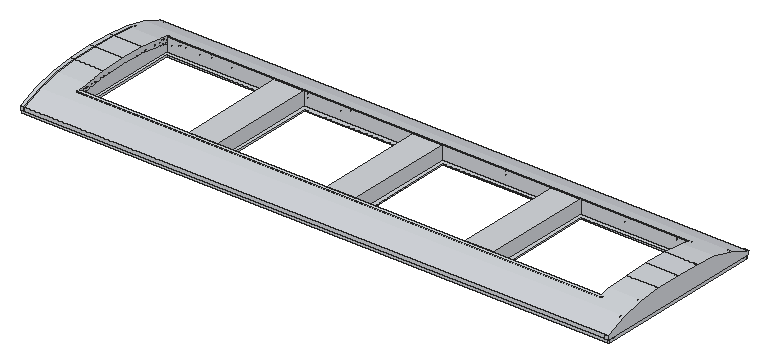
Revit family "Gira_0214327", category Electrical Fixtures, host Face, Revit 2017
Family settings
  Host = Face
  Maintain Annotation Orientation = No
  Round Connector Dimension = Use Diameter
  Part Type = Normal
  Cut with Voids When Loaded = No
  Shared = No
  Room Calculation Point = No
Parameters (values of type "Cov.fr. 4-g interm.fr. PW Gira Event p.white m")
  With mounting grid = "No"
  With hinged lid = "No"
  URL = "http://katalog.gira.de/en/datenblatt.html?artikelnr=0214327"
  Type of fastening = "Clamp mounting"
  Transparent = "No"
  Surface protection = "Other"
  Suitable for wall duct = "No"
  Suitable for flush-mounted installation = "Yes"
  Suitable for floor box = "No"
  Suitable for built-in installation = "No"
  Number of units vertical = "4"
  Number of units horizontal = "4"
  Number of units = "4"
  Name = "Cov.fr. 4-g interm.fr. PW Gira Event p.white m"
  Mounting direction = "Horizontal and vertical"
  Material quality = "Thermoplastic"
  Material = "Plastic"
  Manufacturer URL = "https://www.gira.de/"
  Manufacturer = "Gira"
  Label space/information surface = "No"
  Keynote = ""
  HeinzeBIM = "https://bimportal.heinze.de/bim/cov-fr-4-g-interm-fr-pw-gira-event-p-white-m/ccef12a9f096cbb054536570f76f1c0a98bb3245"
  Halogen free = "Yes"
  HAN = "0214327"
  GTIN = "4010337074199"
  Description = "Cov.fr.4g i.fr.PW Event PWm,Gira Event frames,pure white matt with pure white glossy intermediate frame,4-gang,Features:,- Shatter-proof."
  Degree of protection (IP) = "IP20"
  Default Elevation = 1219.2 mm
  Data sheet (1) = "https://katalog.gira.de/en/download.html?artikelnr=0214327"
  Colour = "White"
  Category = "Cover frame for domestic switching devices"
  BIM (1) = "https://media.stage.bim.site/public/gira/36a6b08/Event_Rahmen_4fach.rfa"
  Available = "No"
Reference planes
  plane 1 "Center (Front/Back)": y = 0
  plane 2: z = 0
  plane 3 "Center (Left/Right)": x = 0
Forms (mm)
  Extrusion 1, solid, detail levels fine
    sketch origin (0, 0, 0.05) x (0, 1, 0) y (0, 0, 1)
      loop
        arc (12.445, 9.683) -> (6.223, 9.833) -> (0, 9.85) r 291.636
        arc (0, 9.85) -> (-6.223, 9.833) -> (-12.445, 9.683) r 291.636
        arc (-12.445, 9.683) -> (-29.14, 7.482) -> (-45, 1.823) r 79.728
        line (-45, 1.823) -> (-45, -0.05) -> (-42.086, -0.05)
        arc (-42.086, -0.05) -> (-21.385, 5.559) -> (0, 7.206) r 114.424
        arc (0, 7.206) -> (21.385, 5.559) -> (42.086, -0.05) r 114.424
        line (42.086, -0.05) -> (45, -0.05) -> (45, 1.823)
        arc (45, 1.823) -> (29.14, 7.482) -> (12.445, 9.683) r 79.728
    from -151.95 to 151.935
  Extrusion 2, void, detail levels fine
    sketch origin (0, 0, 0) x (1, 0, 0) y (0, 1, 0)
      loop
        line (134.95, 28.035) -> (-134.95, 28.035) -> (-134.95, -28.035) -> (134.95, -28.035) -> (134.95, 28.035)
    from 0.724 to 11
  Extrusion 3, solid, detail levels coarse
    sketch origin (0, 0, 0) x (1, 0, 0) y (0, 1, 0)
      loop
        line (-151.95, 45) -> (-151.95, -45) -> (151.935, -45) -> (151.935, 45) -> (-151.95, 45)
    from -1.5 to 9.9
  Extrusion 4, solid, detail levels medium
    sketch origin (0, 0, 0.05) x (0, 1, 0) y (0, 0, 1)
      loop
        arc (12.445, 9.683) -> (6.223, 9.833) -> (0, 9.85) r 291.636
        arc (0, 9.85) -> (-6.223, 9.833) -> (-12.445, 9.683) r 291.636
        arc (-12.445, 9.683) -> (-29.14, 7.482) -> (-45, 1.823) r 79.728
        line (-45, 1.823) -> (-45, -0.05) -> (45, -0.05) -> (45, 1.823)
        arc (45, 1.823) -> (29.14, 7.482) -> (12.445, 9.683) r 79.728
    from -151.95 to 151.935
  Extrusion 5, solid, detail levels fine
    sketch origin (-106.95, 0, -1.5) x (0, 1, 0) y (0, 0, -1)
      loop
        line (45, -3.373) -> (45, -1.5) -> (-45, -1.5) -> (-45, -3.373)
        arc (-45, -3.373) -> (-29.14, -9.032) -> (-12.445, -11.233) r 79.728
        arc (-12.445, -11.233) -> (-6.223, -11.383) -> (0, -11.4) r 291.636
        arc (0, -11.4) -> (6.223, -11.383) -> (12.445, -11.233) r 291.636
        arc (12.445, -11.233) -> (29.14, -9.032) -> (45, -3.373) r 79.728
    from 43 to 45
  Extrusion 6, solid, detail levels fine
    sketch origin (0, 0, 0) x (1, 0, 0) y (0, 1, 0)
      loop
        line (-132.85, 25.7) -> (-132.85, -25.7) -> (-81.05, -25.7) -> (-81.05, 25.7) -> (-132.85, 25.7)
      loop
        line (-9.755, -25.7) -> (-9.755, 25.7) -> (-61.555, 25.7) -> (-61.555, -25.7) -> (-9.755, -25.7)
      loop
        line (-135.845, 28.49) -> (-135.845, -28.495)
        spline (-135.845, -28.495) -> (-135.836, -28.625) -> (-135.811, -28.754) -> (-135.769, -28.878) -> (-135.711, -28.995) -> (-135.638, -29.104) -> (-135.552, -29.202) -> (-135.454, -29.288) -> (-135.345, -29.361) -> (-135.228, -29.419) -> (-135.104, -29.461) -> (-134.975, -29.486) -> (-134.845, -29.495)
        line (-134.845, -29.495) -> (134.845, -29.495)
        spline (134.845, -29.495) -> (134.975, -29.486) -> (135.104, -29.461) -> (135.228, -29.419) -> (135.345, -29.361) -> (135.454, -29.288) -> (135.552, -29.202) -> (135.638, -29.104) -> (135.711, -28.995) -> (135.769, -28.878) -> (135.811, -28.754) -> (135.836, -28.625) -> (135.845, -28.495)
        line (135.845, -28.495) -> (135.845, 28.49)
        spline (135.845, 28.49) -> (135.836, 28.62) -> (135.811, 28.748) -> (135.769, 28.872) -> (135.711, 28.99) -> (135.638, 29.098) -> (135.552, 29.197) -> (135.454, 29.283) -> (135.345, 29.356) -> (135.228, 29.413) -> (135.104, 29.456) -> (134.975, 29.481) -> (134.845, 29.49)
        line (134.845, 29.49) -> (-134.845, 29.49)
        spline (-134.845, 29.49) -> (-134.975, 29.481) -> (-135.104, 29.456) -> (-135.228, 29.413) -> (-135.345, 29.356) -> (-135.454, 29.283) -> (-135.552, 29.197) -> (-135.638, 29.098) -> (-135.711, 28.99) -> (-135.769, 28.872) -> (-135.811, 28.748) -> (-135.836, 28.62) -> (-135.845, 28.49)
      loop
        line (61.545, -25.7) -> (61.545, 25.7) -> (9.745, 25.7) -> (9.745, -25.7) -> (61.545, -25.7)
      loop
        line (132.85, -25.7) -> (132.85, 25.7) -> (81.05, 25.7) -> (81.05, -25.7) -> (132.85, -25.7)
    from 0.1 to 7.3
  Extrusion 7, solid
    sketch origin (0, 0, 0) x (1, 0, 0) y (0, 1, 0)
      loop
        arc (-151.65, -44.218) -> (-151.504, -44.572) -> (-151.15, -44.718) r 0.5
        line (-151.15, -44.718) -> (151.15, -44.718)
        arc (151.15, -44.718) -> (151.504, -44.572) -> (151.65, -44.218) r 0.5
        line (151.65, -44.218) -> (151.65, 44.182)
        arc (151.65, 44.182) -> (151.504, 44.535) -> (151.15, 44.682) r 0.5
        line (151.15, 44.682) -> (-151.15, 44.682)
        arc (-151.15, 44.682) -> (-151.504, 44.535) -> (-151.65, 44.182) r 0.5
        line (-151.65, 44.182) -> (-151.65, -44.218)
      loop
        line (-149.95, 42.982) -> (-149.95, -43.018) -> (149.95, -43.018) -> (149.95, 42.982) -> (-149.95, 42.982)
    from -1.5 to 0.5
  Extrusion 8, solid, detail levels fine
    sketch origin (106.935, 0, -1.5) x (0, 1, 0) y (0, 0, 1)
      loop
        arc (45, 3.373) -> (29.14, 9.032) -> (12.445, 11.233) r 79.728
        arc (12.445, 11.233) -> (6.223, 11.383) -> (0, 11.4) r 291.636
        arc (0, 11.4) -> (-6.223, 11.383) -> (-12.445, 11.233) r 291.636
        arc (-12.445, 11.233) -> (-29.14, 9.032) -> (-45, 3.373) r 79.728
        line (-45, 3.373) -> (-45, 1.5) -> (45, 1.5) -> (45, 3.373)
    from 43 to 45
  Extrusion 9, solid, detail levels medium
    sketch origin (0, 0, 0) x (1, 0, 0) y (0, 1, 0)
      loop
        line (-151.65, -44.718) -> (151.65, -44.718) -> (151.65, 44.682) -> (-151.65, 44.682) -> (-151.65, -44.718)
    from -1.5 to 0.5
  Extrusion 10, solid, detail levels fine
    sketch origin (-69.857, 0, 0) x (1, 0, 0) y (0, 1, 0)
      loop
        line (-8.943, 28.063) -> (-8.943, -27.937) -> (6.057, -27.937) -> (6.057, 28.063) -> (-8.943, 28.063)
    from 0.724 to 7.566
  Extrusion 11, solid, detail levels fine
    sketch origin (-1.443, 0, 0) x (-1, 0, 0) y (0, -1, 0)
      loop
        line (-8.943, -28.063) -> (6.057, -28.063) -> (6.057, 27.937) -> (-8.943, 27.937) -> (-8.943, -28.063)
    from 0.724 to 7.566
  Extrusion 12, solid, detail levels fine
    sketch origin (69.857, 0, 0) x (-1, 0, 0) y (0, -1, 0)
      loop
        line (-8.943, -28.063) -> (6.057, -28.063) -> (6.057, 27.937) -> (-8.943, 27.937) -> (-8.943, -28.063)
    from 0.724 to 7.566
Cuts and joins
  Extrusion 2 cuts Extrusion 1
  Extrusion 2 cuts Extrusion 6
Dimensions and locks
  aligned and locked: plane 2 to host face
  aligned and locked: level to host face
